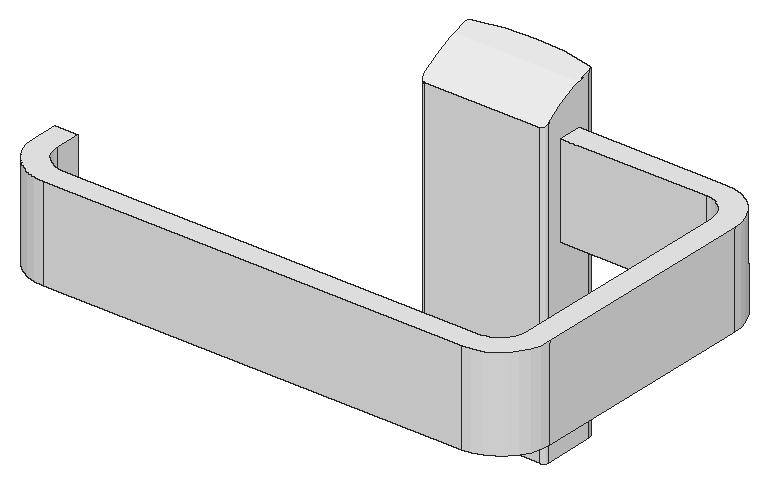
Revit family "Paper-Holder_Contemporary_Soiree_YP960_TOTO", category Furniture, host Face, Revit 2013
Parameters (values of type "YP960")
  ecoScorecard_data = " "
  ecoScorecard Product Page = "  "
  Width = 0' - 5 9/16"
  Warranty URL = "http://www.totousa.com/warranty-registration"
  Warranty = "Lifetime Limited Warranty (Residential Use), One Year Limited (Commercial Use)"
  URL = "http://www.totousa.com"
  Toto BIM Number = "BM-00035"  # constant formula
  Subcategory = "Accessories"
  Style = "Contemporary"  # constant formula
  Spec Sheet URL = "http://assets.totousa.com/product-files/SS-00061_SOIREE%20ACCESSORIES.pdf"
  Shipping Weight = 2.00 lbf
  Series = "Soiree"  # constant formula
  Product Page URL = " "
  Parts Manual URL = " "
  Owners Manual URL = "  "
  Model = "YP960"  # constant formula
  Manufacturer Toll Free Phone = "1-888-295-8134"  # constant formula
  Manufacturer Phone = "(770) 282-8686 "  # constant formula
  Manufacturer Fax = "(770) 282-0002"  # constant formula
  Manufacturer Email = "mailto:custservice@totousa.com "
  Manufacturer Address = "1155 Southern Road, Morrow, Georgia 30260"  # constant formula
  Manufacturer = "TOTO USA, Inc."  # constant formula
  Height = 0' - 3 13/16"
  Finish = Metal - TOTO - Chrome - Polished
  Description = "Paper Holder"  # constant formula
  Depth = 0' - 3 9/16"
  Default Elevation = 2' - 0"  # constant formula
  Cost Info = "mailto:custservice@totousa.com "
  Color Availability = "#CP  Polished Chrome, #BN  Brushed Nickel, #PN  Polished Nickel"
  CAD Drawing URL = "http://assets.totousa.com/product-files/AD-00111_YP960.dxf"
  Assembly Code = "C1030220"
  95 CSI = "10800"
  04 CSI = "10 28 00"
Reference planes (in)
  plane 1 "Center (Front/Back)": y = 0
  plane 2: z = 0
  plane 3 "Center (Left/Right)": x = 0
  plane 4: y = 0.35937
  plane 5: y = -0.35937
  plane 6: x = 0.67
  plane 7: x = -0.67
  plane 8: z = 3.5625
  plane 9: z = 2.5625
  plane 10: x = 2.78125
  plane 11: x = -2.78125
  plane 12: y = -3.45313
  plane 13: y = 0.09063
Lines and regions (in)
  symbolic lines
    curve 1: line (-0.67, -3.45313, 3.07812) -> (-0.67, -3.45313, 2.0625)
    curve 2: line (0.67, -3.45313, 2.0625) -> (0.67, -3.45313, 3.07812)
Dimensions and locks (in)
  equal spacing: plane 5, plane 1 "Center (Front/Back)", plane 4
  locked: plane 5 to plane 4 at 0.71875
  equal spacing: plane 7, plane 3 "Center (Left/Right)", plane 6
  locked: plane 7 to plane 6 at 1.34
  "Depth": plane 8 to plane 2
  locked: plane 9 to plane 2 at 2.5625
  equal spacing: plane 11, plane 3 "Center (Left/Right)", plane 10
  "Width": plane 11 to plane 10
  locked: plane 4 to plane 1 "Center (Front/Back)" at 0.35938
  "Height": plane 4 to plane 12
  locked: plane 1 "Center (Front/Back)" to plane 13 at 0.09063
  aligned and locked: plane 2 to host face
  aligned and locked: level to host face
  aligned and locked: curve 1 to plane 7
  aligned and locked: plane 1 "Center (Front/Back)" to nested 1
  aligned and locked: plane 3 "Center (Left/Right)" to nested 1
Automatic sketch dimensions
  host sketch curve to host sketch curve = 4' - 3.07569"
  host sketch curve to host sketch curve = 4' - 3.51861"
  plane 6 to curve 2 = 0' - 0"
  curve 2 to plane 9 = 0' - 0 1/2"
  curve 1 to plane 9 = 0' - 0 1/2"
  curve 1 to plane 8 = 0' - 0 31/64"
  curve 2 to plane 8 = 0' - 0 31/64"
Nested families (in)
  nested 1: "YP960" at (0, 0, 0), type "YP960"
Definition of nested family "YP960"
  Parameters (values of type "YP960")
    Width = 0' - 5 9/16"
    URL = ""
    Shipping Weight = 2.00 lbf
    Model = "YP960"  # constant formula
    Manufacturer = ""
    Height = 0' - 3 13/16"
    Finish = Metal - TOTO - Chrome - Polished
    Description = "Paper Holder"  # constant formula
    Depth = 0' - 3 9/16"
    Default Elevation = 2' - 0"  # constant formula
    Assembly Code = ""
  Reference planes (in)
    plane 1 "Center (Front/Back)": y = 0
    plane 2: z = 0
    plane 3 "Center (Left/Right)": x = 0
    plane 4: y = 0.35937
    plane 5: y = -0.35937
    plane 6: x = 0.67
    plane 7: x = -0.67
    plane 8: z = 3.5625
    plane 9: z = 2.5625
    plane 10: x = 2.78125
    plane 11: x = -2.78125
    plane 12: y = -3.45313
    plane 13: y = 0.09063
  Forms (in)
    Extrusion 1, solid
      sketch origin (0, 0, 0) x (1, 0, 0) y (0, 1, 0)
        loop
          line (-25, 24) -> (-25, -27.51861) -> (26.07569, -27.51861) -> (26.07569, 24) -> (-25, 24)
      from 0 to -2.94312
    Extrusion 2, solid, material "Metal - TOTO - Chrome - Polished" <- "Finish"
      sketch origin (0, 0, 0) x (1, 0, 0) y (0, 1, 0)
        loop
          arc (0.61922, -0.35937) -> (0.65513, -0.3445) -> (0.67, -0.30859) r 0.05078
          line (0.67, -0.30859) -> (0.67, 0.24024)
          arc (0.67, 0.24024) -> (0.65885, 0.27199) -> (0.6303, 0.28979) r 0.05078
          arc (0.6303, 0.28979) -> (0, 0.35937) -> (-0.6303, 0.28979) r 2.88953
          arc (-0.6303, 0.28979) -> (-0.65885, 0.27199) -> (-0.67, 0.24024) r 0.05078
          line (-0.67, 0.24024) -> (-0.67, -0.30672)
          arc (-0.67, -0.30672) -> (-0.65458, -0.34395) -> (-0.61734, -0.35937) r 0.05266
          line (-0.61734, -0.35937) -> (0.61922, -0.35937)
      from 0 to 3.5625
    Sweep 3, solid, material "Metal - TOTO - Chrome - Polished" <- "Finish"
      path origin (0, 0, 2.5625) x (0, -1, 0) y (1, 0, 0)
        loop
          line (-0.09063, 0.67) -> (-0.09063, 2.25125)
          arc (-0.09063, 2.25125) -> (0.06461, 2.62602) -> (0.43937, 2.78125) r 0.53
          line (0.43937, 2.78125) -> (2.92312, 2.78125)
          arc (2.92312, 2.78125) -> (3.29789, 2.62602) -> (3.45312, 2.25125) r 0.53
          line (3.45312, 2.25125) -> (3.45312, -2.25125)
          arc (3.45312, -2.25125) -> (3.29789, -2.62602) -> (2.92312, -2.78125) r 0.53
          line (2.92312, -2.78125) -> (2.64312, -2.78125)
      profile origin (1.46063, 0.09063, 2.5625) x (0, 1, 0) y (0, 0, 1)
        loop
          line (0, -0.5) -> (0, 0.5) -> (-0.25, 0.5) -> (-0.25, -0.5) -> (0, -0.5)
    Extrusion 4, void
      sketch origin (-0.67, 2.10937, 48) x (0, 1, 0) y (0, 0, -1)
        loop
          arc (-1.75, 44.4375) -> (-2.13343, 44.55011) -> (-2.46875, 44.7675) r 1.38517
          line (-2.46875, 44.7675) -> (-2.46875, 44.4375) -> (-1.75, 44.4375)
      from 0 to -1.34
  Cuts and joins
    Extrusion 4 cuts Extrusion 2
  Lines and regions (in)
    symbolic lines
      curve 1: line (-2.53125, -3.45313, 2.0625) -> (-2.53125, -3.45313, 3.07812)
      curve 2: line (-0.67, -3.45313, 3.07812) -> (-0.67, -3.45313, 2.0625)
      curve 3: line (0.67, -3.45313, 2.0625) -> (0.67, -3.45313, 3.07812)
  Dimensions and locks (in)
    equal spacing: plane 5, plane 1 "Center (Front/Back)", plane 4
    locked: plane 5 to plane 4 at 0.71875
    equal spacing: plane 7, plane 3 "Center (Left/Right)", plane 6
    locked: plane 7 to plane 6 at 1.34
    "Depth": plane 8 to plane 2
    locked: plane 4 to Extrusion 2 sketch curve at 0.06958  (x2)
    locked: plane 9 to plane 2 at 2.5625
    equal spacing: plane 11, plane 3 "Center (Left/Right)", plane 10
    "Width": plane 11 to plane 10
    locked: plane 4 to plane 1 "Center (Front/Back)" at 0.35938
    "Height": plane 4 to plane 12
    locked: plane 1 "Center (Front/Back)" to plane 13 at 0.09063
    locked: Sweep 3 sketch curve to plane 12 at 0.81
    Sweep 3 sketch curve to plane 9 to Sweep 3 sketch curve = 0' - 0 1/2" locked, 0' - 0 1/2" locked
    locked: Sweep 3 sketch curve to Sweep 3 sketch curve at 0.25
    radius of Sweep 3 sketch curve = 0' - 0.53"  (x3)
    aligned and locked: plane 2 to Extrusion 1
    aligned and locked: level to Extrusion 1
    aligned and locked: Extrusion 2 sketch curve to plane 5
    aligned and locked: plane 6 to Extrusion 2 sketch curve
    aligned and locked: Extrusion 2 sketch curve to plane 7
    aligned and locked: plane 8 to Extrusion 2
    aligned and locked: Extrusion 2 to plane 2
    aligned and locked: plane 12 to Sweep 3 sketch curve
    aligned and locked: plane 10 to Sweep 3 sketch curve
    aligned and locked: plane 11 to Sweep 3 sketch curve
    aligned and locked: Sweep 3 sketch curve to plane 13
    aligned and locked: plane 8 to Extrusion 4 sketch curve
    aligned and locked: plane 5 to Extrusion 4 sketch curve
    aligned and locked: Extrusion 4 to plane 6
    aligned and locked: Extrusion 4 to plane 7
    aligned and locked: curve 1 to Sweep 3
    aligned and locked: Sweep 3 to plane 6
    aligned and locked: curve 2 to plane 7
    aligned and locked: plane 7 to cut or joined group of Extrusion 2, Extrusion 4
    aligned and locked: plane 6 to cut or joined group of Extrusion 2, Extrusion 4
    aligned and locked: Sweep 3 to plane 11
  Automatic sketch dimensions
    Extrusion 1 sketch curve to Extrusion 1 sketch curve = 4' - 3.07569"
    Extrusion 1 sketch curve to Extrusion 1 sketch curve = 4' - 3.51861"
    Extrusion 2 sketch curve to plane 3 "Center (Left/Right)" = 0' - 0"
    Extrusion 2 sketch curve to plane 6 = 0' - 0"
    plane 7 to Extrusion 2 sketch curve = 0' - 0.0397"
    Extrusion 2 sketch curve to Extrusion 2 sketch curve = 0' - 0"
    Extrusion 2 sketch curve to Extrusion 2 sketch curve = 0' - 0.01108"
    plane 7 to Extrusion 2 sketch curve = 0' - 0.05266"
    plane 6 to Extrusion 2 sketch curve = 0' - 0.0397"
    plane 6 to Extrusion 2 sketch curve = 0' - 0 13/256"
    plane 13 to Sweep 3 sketch curve = 0' - 0"
    Sweep 3 sketch curve to plane 6 = 0' - 0"
    Extrusion 4 sketch curve to plane 4 = 0' - 0"
    Extrusion 4 sketch curve to plane 4 = 0' - 0.19454"
    Extrusion 4 sketch curve to Extrusion 4 sketch curve = 0' - 0.33"
    plane 6 to curve 3 = 0' - 0"
    curve 3 to plane 9 = 0' - 0 1/2"
    curve 2 to plane 9 = 0' - 0 1/2"
    curve 1 to plane 9 = 0' - 0 1/2"
    curve 2 to plane 8 = 0' - 0 31/64"
    curve 3 to plane 8 = 0' - 0 31/64"
    curve 1 to plane 8 = 0' - 0 31/64"
